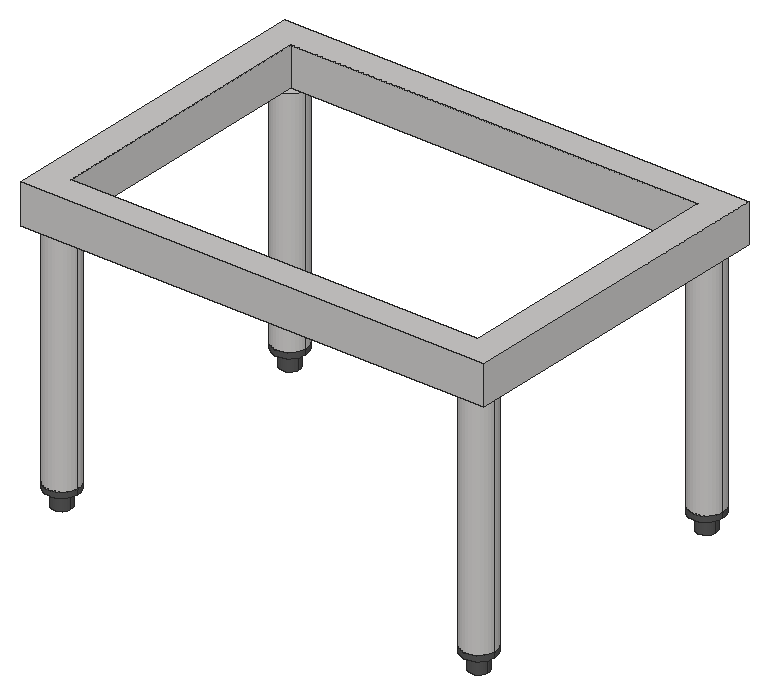
Revit family "QF_CAPIC_CELTIC_W383012", category Equipement spécialisé, Revit 2018
Family settings
  Cote de connecteur circulaire = Utiliser le diamètre
  Type d'élément = Normal
  Numéro OmniClass = 23.40.40.14
  Titre OmniClass = Food Service Equipment
  Basée sur le plan de construction = Non
  Toujours verticalement = Oui
  Couper avec des vides une fois chargée = Non
  Partagée = Non
  Point de calcul de pièce = Non
Parameters (values of type "L=1000mm")
  URL catalogue = "http://www.capic-fr.com/fr/"
  Type de Raccord Plomberie [instance] = ""
  Type de Raccord Electrique [instance] = ""
  Type de Gaz = ""
  Type article [instance] = ""
  Tension = 0 V
  Spécification du Fabricant = ""
  Show Logo = yes
  Remarques evacuation [instance] = ""
  Remarques Plomberie [instance] = ""
  Remarques Electricité [instance] = ""
  Puissance électrique  = 0 W
  Puissance Gaz kW = 0
  Profondeur hors tout = 715 mm
  Pression Maximum Eau Adoucie = 0.0 Pa
  Poids net à vide = 70.00 kg
  Phase = 0
  Modèle = "W383012"
  Longueur hors tout = 1000 mm
  Intensité nominale = 0 A
  Hauteur hors tout = 630 mm
  Hauteur de Raccordement du Sol Finis = 0 mm
  Hauteur de Raccordement Gaz du Sol Finis = 0 mm
  Hauteur de Raccordement Evacuation Directe du Sol Finis = 0 mm
  Hauteur de Raccordement Eau Froide du Sol Finis = 0 mm
  Hauteur de Raccordement Eau Chaude du Sol Finis = 0 mm
  Hauteur de Raccordement Eau Adoucie du Sol Finis = 0 mm
  Fréquence = 0 Hz
  Fabricant = "CAPIC"
  Débit d'air d'extraction = 0.0 m³/h
  Débit Gaz = 0.0 L/s
  Débit Eau Froide = 0.0 L/s
  Débit Eau Chaude = 0.0 L/s
  Débit Eau Adoucie = 0.0 L/s
  Diamètre de Raccordement Gaz = 0 mm
  Diamètre de Raccordement Evacuation = 0 mm
  Diamètre de Raccordement Eau Froide = 0 mm
  Diamètre de Raccordement Eau Chaude = 0 mm
  Diamètre de Raccordement Eau Adoucie = 0 mm
  Description = "Pietement tubes ronds"
  Assembly Code = ""
  Classification  Omniclass nombre et titre = "23.40.40.14"
Reference planes
  plane 1 "Centre (avant/arrière)": y = 0
  plane 2: z = 0
  plane 3 "Centre (gauche/droite)": x = 0
  plane 4 "Centre G/E": y = 0
  plane 5: y = -838
  plane 6: z = 630
  plane 7: y = -123
  plane 8: x = 1000
  plane 9: z = 546
  plane 10: y = -173
  plane 11: y = -788
  plane 12: x = 50
  plane 13: x = 950
  plane 14: z = 46
Forms (mm)
  Extrusion 1, solid, material "QF_Stainless Steel-Brushed"
    sketch origin (4267.2, -1071.386, 630) x (0, -1, 0) y (1, 0, 0)
      loop
        line (-948.386, -4267.2) -> (-233.386, -4267.2) -> (-233.386, -3267.2) -> (-948.386, -3267.2) -> (-948.386, -4267.2)
      loop
        line (-888.386, -3327.2) -> (-888.386, -4207.2) -> (-293.386, -4207.2) -> (-293.386, -3327.2) -> (-888.386, -3327.2)
    from 0 to -84
  Extrusion 2, solid, material "QF_Stainless Steel-Brushed"
    sketch origin (0, 0, 0) x (1, 0, 0) y (0, 1, 0)
      loop
        circle (50, -173) r 35
    from 46 to 546
  Revolve 3, solid, material "QF_Plastic-Black"
    sketch origin (-199.347, -173, 4000) x (-1, 0, 0) y (0, 0, 1)
      loop
        line (-284.347, -3954) -> (-284.347, -3966) -> (-269.347, -3966) -> (-269.347, -4000) -> (-249.347, -4000) -> (-249.347, -3954) -> (-284.347, -3954)
      axis (-249.347, -4000) -> (-249.347, -3954)
    angle from 0 to 360
  Extrusion 4, solid, material "QF_Stainless Steel-Brushed"
    sketch origin (220, 0, 0) x (1, 0, 0) y (0, 1, 0)
      loop
        circle (730, -173) r 35
    from 46 to 546
  Revolve 5, solid, material "QF_Plastic-Black"
    sketch origin (160.653, -173, 4000) x (-1, 0, 0) y (0, 0, 1)
      loop
        line (-824.347, -3954) -> (-824.347, -3966) -> (-809.347, -3966) -> (-809.347, -4000) -> (-789.347, -4000) -> (-789.347, -3954) -> (-824.347, -3954)
      axis (-789.347, -4000) -> (-789.347, -3954)
    angle from 0 to 360
  Extrusion 6, solid, material "QF_Stainless Steel-Brushed"
    sketch origin (0, -615, 0) x (1, 0, 0) y (0, 1, 0)
      loop
        circle (50, -173) r 35
    from 46 to 546
  Revolve 7, solid, material "QF_Plastic-Black"
    sketch origin (-133.843, -788, 4000) x (-1, 0, 0) y (0, 0, 1)
      loop
        line (-218.843, -3954) -> (-218.843, -3966) -> (-203.843, -3966) -> (-203.843, -4000) -> (-183.843, -4000) -> (-183.843, -3954) -> (-218.843, -3954)
      axis (-183.843, -4000) -> (-183.843, -3954)
    angle from 0 to 360
  Extrusion 8, solid, material "QF_Stainless Steel-Brushed"
    sketch origin (230, -615, 0) x (1, 0, 0) y (0, 1, 0)
      loop
        circle (720, -173) r 35
    from 46 to 546
  Revolve 9, solid, material "QF_Plastic-Black"
    sketch origin (-133.843, -788, 4000) x (-1, 0, 0) y (0, 0, 1)
      loop
        line (-1118.843, -3954) -> (-1118.843, -3966) -> (-1103.843, -3966) -> (-1103.843, -4000) -> (-1083.843, -4000) -> (-1083.843, -3954) -> (-1118.843, -3954)
      axis (-1083.843, -4000) -> (-1083.843, -3954)
    angle from 0 to 360
Dimensions and locks
  locked: plane 7 to Extrusion 1 sketch curve at 60
  locked: Extrusion 1 sketch curve to plane 5 at 60
  locked: plane 3 "Centre (gauche/droite)" to Extrusion 1 sketch curve at 60
  locked: Extrusion 1 sketch curve to plane 8 at 60
  "Longueur hors tout": plane 3 "Centre (gauche/droite)" to plane 8
  "Hauteur hors tout": plane 6 to level
  locked: plane 6 to plane 9 at 84
  locked: plane 7 to plane 10 at 50
  locked: plane 11 to plane 5 at 50
  locked: plane 3 "Centre (gauche/droite)" to plane 12 at 50
  locked: plane 13 to plane 8 at 50
  locked: plane 9 to plane 14 at 500
  locked: Revolve 3 sketch curve to plane 12 at 35
  locked: plane 14 to Revolve 3 sketch curve at 12
  locked: Revolve 3 sketch curve to plane 12 at 20
  Revolve 5 sketch curve to Revolve 5 sketch curve to plane 13 = 15 mm locked, 20 mm locked
  "Profondeur hors tout": plane 7 to plane 5
  locked: plane 14 to Revolve 5 sketch curve at 12
  locked: Revolve 7 sketch curve to plane 12 at 20
  locked: Revolve 7 sketch curve to plane 12 at 35
  locked: Revolve 3 to plane 14 at 12
  locked: plane 14 to Revolve 5 at 12
  locked: Revolve 9 sketch curve to plane 13 at 20
  locked: Revolve 9 sketch curve to plane 13 at 35
  aligned and locked: level to plane 2
  aligned and locked: Extrusion 1 sketch curve to plane 7
  aligned and locked: plane 3 "Centre (gauche/droite)" to Extrusion 1 sketch curve
  aligned and locked: plane 5 to Extrusion 1 sketch curve
  aligned and locked: Extrusion 1 sketch curve to plane 8
  aligned and locked: Extrusion 1 to plane 9
  aligned and locked: plane 6 to Extrusion 1
  aligned and locked: plane 9 to Extrusion 2
  aligned and locked: Extrusion 2 to plane 14
  aligned and locked: plane 12 to Extrusion 2 sketch curve
  aligned and locked: plane 10 to Extrusion 2 sketch curve
  aligned and locked: level to Revolve 3 sketch curve
  aligned and locked: plane 12 to Revolve 3 sketch curve
  aligned and locked: Revolve 3 sketch curve to plane 14
  aligned and locked: plane 13 to Extrusion 4 sketch curve
  aligned and locked: plane 10 to Extrusion 4 sketch curve
  aligned and locked: plane 13 to Revolve 5 sketch curve  (x2)
  aligned and locked: level to Revolve 5 sketch curve
  aligned and locked: plane 14 to Revolve 5 sketch curve
  aligned and locked: plane 12 to Extrusion 6 sketch curve
  aligned and locked: plane 11 to Extrusion 6 sketch curve
  aligned and locked: plane 9 to Extrusion 6
  aligned and locked: Extrusion 6 to plane 14
  aligned and locked: plane 14 to Revolve 7 sketch curve
  aligned and locked: Revolve 7 sketch curve to level
  aligned and locked: plane 9 to Extrusion 4
  aligned and locked: Extrusion 4 to plane 14
  aligned and locked: plane 13 to Extrusion 8 sketch curve
  aligned and locked: plane 11 to Extrusion 8 sketch curve
  aligned and locked: Revolve 3 to plane 14
  aligned and locked: Extrusion 8 to Extrusion 1
  aligned and locked: plane 14 to Revolve 9 sketch curve
  aligned and locked: level to Revolve 9 sketch curve
  aligned and locked: plane 14 to Extrusion 8
Automatic sketch dimensions
  Revolve 3 sketch curve to plane 12 = 0 mm
  Revolve 3 sketch curve to level = 0 mm
  Revolve 3 sketch curve to plane 14 = 0 mm
  Revolve 5 sketch curve to level = 0 mm
  Revolve 5 sketch curve to plane 14 = 0 mm
  Revolve 9 sketch curve to plane 13 = 0 mm  (x2)
  Revolve 9 sketch curve to plane 14 = 12 mm
  Revolve 9 sketch curve to level = 88.15 mm
  Revolve 9 sketch curve to Revolve 9 sketch curve = 37 mm
  Revolve 7 sketch curve to plane 12 = 0 mm  (x2)
  Revolve 7 sketch curve to plane 14 = 12 mm
  Revolve 7 sketch curve to level = 25 mm
  Revolve 7 sketch curve to Revolve 7 sketch curve = 12 mm
  radius of Extrusion 2 sketch curve = 35 mm
  radius of Extrusion 4 sketch curve = 35 mm
  radius of Extrusion 6 sketch curve = 35 mm
  radius of Extrusion 8 sketch curve = 35 mm
